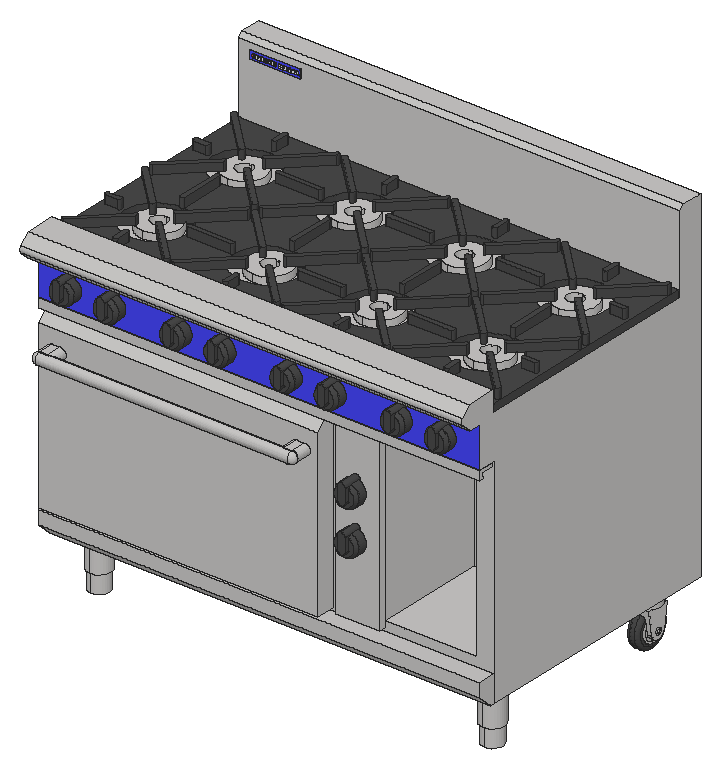
Revit family "QF_MOFFAT_BLUESEAL_CE_GE508D", category Specialty Equipment, Revit 2012
Parameters
  Width = 1200 mm
  Weight in Pounds = 485
  Watts = 6500 W
  Volts = 400 V
  URL Cutsheet = "www.moffat.com"
  URL = "www.moffat.com"
  Type Mark [instance] = ""
  Status [instance] = ""
  Specification by User [instance] = ""
  Specification by Manufacturer = ""
  Show Logo [instance] = yes
  Show Clearance [instance] = yes
  Show Casters [instance] = yes
  Serial Number = ""
  Seismic Rating = ""
  SMACNA No = ""
  Revision Code [instance] = ""
  Phase = 3
  Omniclass Number and Title = ""
  Number of Poles [instance] = 1
  NAFEM Spec ID Number = ""
  Model = "GE508D"
  Min Ckt Ampacity = 0 A
  Mechanical Remarks = ""
  Mechanical Connection Type [instance] = ""
  Max Overcurrent Protection = 0 A
  Masterspec = ""
  Manufacturer = "MOFFAT BLUESEAL"
  Legs [instance] = not(Show Casters)  # no
  Item Number [instance] = ""
  Installed By [instance] = ""
  Identify Quantity as Lot [instance] = yes
  Height = 970 mm
  HP = ""
  Gas Size = 3/4"
  Gas RI Height [instance] = 0 mm
  Gas KW [instance] = 62.2
  Gas Input [instance] = 212311.0 Btu/h
  Gas Connection Height = 0 mm
  Furnished By [instance] = ""
  Foodservice Equipment Identifier [instance] = yes
  FL Amps = 9.4 A
  Electrical Remarks = "9.4A PER PHASE"
  Electric Connection Type = ""
  Elec Conn RI Height = 0 mm
  Elec Conn Connection Height = 0 mm
  Description = "1200MM GAS RANGE WITH ELECTRIC STATIC OVEN"
  Depth = 812 mm
  Cycle = 50 Hz
  Conn Plug = ""
  Conn Conduit = yes
  CSI MasterFormat = ""
  CSI Master Format = ""
  Body Finish = QF_Finishes_Stainless Steel
  Apparent Power = 0 VA
Reference planes
  plane 1 "BACK": y = 0
  plane 2: z = 0
  plane 3 "LEFT": x = 0
  plane 4 "RIGHT": x = 1200
  plane 5 "FRONT": y = -812
  plane 6 "TOP": z = 970
  plane 7 "Center Y": x = 600
  plane 8 "Center X": y = -406
  plane 9: x = 280
  plane 10: y = -574.272
  plane 11: x = 60
  plane 12: y = -304.972
  plane 13: y = -364.972
  plane 14: x = 74
  plane 15: y = -812
  plane 16: x = 1134.5
  plane 17: y = -32
  plane 18: z = 655
  plane 19: x = 65.5
  plane 20: x = 65.8
  plane 21: z = 1085
  plane 22: y = -705
  plane 23: y = -100
Forms (mm)
  Extrusion 1, solid, material "QF_Finishes_Stainless Steel" <- "Body Finish"
    sketch origin (0, 0, 0) x (0, 1, 0) y (0, 0, 1)
      loop
        line (0, 150) -> (0, 1085) -> (-57.5, 1085) -> (-70, 1072.5) -> (-70, 861.8) -> (-705, 861.8) -> (-705, 915) -> (-783.97, 915) -> (-808.49, 890.48)
        arc (-808.49, 890.48) -> (-812.002, 882) -> (-808.49, 873.52) r 11.993
        line (-808.49, 873.52) -> (-784.97, 850) -> (-749, 850) -> (-749, 740) -> (-699, 740) -> (-699, 150) -> (0, 150)
      loop
        line (-749, 222.5) -> (-749, 186) -> (-713, 150) -> (-703.2, 150) -> (-703.2, 222.5) -> (-749, 222.5)
      loop
        line (-749, 713.781) -> (-740.224, 713.781) -> (-742.613, 730.781) -> (-707.93, 730.781) -> (-707.93, 737.784) -> (-749, 737.784) -> (-749, 713.781)
    from 0 to 1200
  Extrusion 2, solid, material "QF_Finishes_Stainless Steel"
    sketch origin (0, 7, 0) x (0, 1, 0) y (0, 0, 1)
      loop
        line (-706, 700) -> (-732, 700) -> (-756, 676) -> (-756, 227.5) -> (-706, 227.5) -> (-706, 700)
    from 0 to 760
  Extrusion 3, solid, material "QF_Finishes_Stainless Steel"
    sketch origin (723.5, 7, 0) x (0, 1, 0) y (0, 0, 1)
      loop
        line (-706, 700) -> (-721, 700) -> (-721, 227.5) -> (-706, 227.5) -> (-706, 700)
    from 56.898 to 176.5
  Revolve 4, solid, material "QF_Finishes_Stainless Steel" <- "Body Finish"
    sketch origin (1134.5, -696.126, 0) x (0, 1, 0) y (0, 0, -1)
      loop
        line (39.376, -150) -> (71.126, -150) -> (71.126, 0) -> (43.626, 0) -> (43.626, -50) -> (39.376, -50) -> (39.376, -150)
      axis (71.126, -150) -> (71.126, 0)
    angle from 0 to 360
  Revolve 5, solid, material "QF_Finishes_Stainless Steel" <- "Body Finish"
    sketch origin (65.5, -696.126, 0) x (0, 1, 0) y (0, 0, 1)
      loop
        line (39.376, 150) -> (39.376, 50) -> (43.626, 50) -> (43.626, 0) -> (71.126, 0) -> (71.126, 150) -> (39.376, 150)
      axis (71.126, 150) -> (71.126, 0)
    angle from 0 to 360
  Extrusion 6, solid, material "QF_Finishes_Stainless Steel"
    sketch origin (-64.5, 0, 325) x (1, 0, 0) y (0, 1, 0)
      loop
        circle (1134.5, -32) r 10
    from 330 to 374.856
  Extrusion 7, void
    sketch origin (0, -699, 150) x (0, 0, -1) y (-1, 0, 0)
      loop
        line (-529.781, -900) -> (-529.781, -1150) -> (-96, -1150) -> (-96, -900) -> (-529.781, -900)
    from 0 to 304.8
  Extrusion 8, solid, material "QF_Finishes_Black"
    sketch origin (0, -70, 861.8) x (0, -1, 0) y (1, 0, 0)
      loop
        arc (1, 4) -> (1.879, 1.879) -> (4, 1) r 3
        line (4, 1) -> (632, 1)
        arc (632, 1) -> (634.121, 1.879) -> (635, 4) r 3
        line (635, 4) -> (635, 1197)
        arc (635, 1197) -> (634.121, 1199.121) -> (632, 1200) r 3
        line (632, 1200) -> (4, 1200)
        arc (4, 1200) -> (1.879, 1199.121) -> (1, 1197) r 3
        line (1, 1197) -> (1, 4)
      loop
        circle (167.5, 150) r 85
      loop
        circle (167.5, 450) r 85
      loop
        circle (467.768, 150) r 85
      loop
        circle (467.768, 450) r 85
      loop
        circle (167.5, 750) r 85
      loop
        circle (467.768, 750) r 85
      loop
        circle (167.5, 1050) r 85
      loop
        circle (467.768, 1050) r 85
    from 0 to 19.5
  Extrusion 9, solid, material "QF_Finishes_Black"
    sketch origin (0, -70, 881.3) x (0, -1, 0) y (1, 0, 0)
      loop
        spline (327.102, 15.153) -> (326.181, 13.924) -> (325.631, 12.47) -> (325.49, 10.89) -> (325.767, 9.292) -> (326.443, 7.786) -> (327.473, 6.473) -> (328.786, 5.443) -> (330.292, 4.767) -> (331.89, 4.49) -> (333.47, 4.631) -> (334.924, 5.181) -> (336.153, 6.102)
        line (336.153, 6.102) -> (444.076, 114.025)
        spline (444.076, 114.025) -> (444.837, 115.095) -> (445.238, 116.399) -> (445.251, 117.851) -> (444.875, 119.35) -> (444.137, 120.795) -> (443.086, 122.086) -> (441.795, 123.137) -> (440.35, 123.875) -> (438.851, 124.251) -> (437.399, 124.238) -> (436.095, 123.837) -> (435.025, 123.076)
        line (435.025, 123.076) -> (327.102, 15.153)
      loop
        line (611.398, 15.153) -> (503.475, 123.076)
        spline (503.475, 123.076) -> (502.405, 123.837) -> (501.101, 124.238) -> (499.649, 124.251) -> (498.15, 123.875) -> (496.705, 123.137) -> (495.414, 122.086) -> (494.363, 120.795) -> (493.625, 119.35) -> (493.249, 117.851) -> (493.262, 116.399) -> (493.663, 115.095) -> (494.424, 114.025)
        line (494.424, 114.025) -> (602.347, 6.102)
        spline (602.347, 6.102) -> (603.416, 5.341) -> (604.721, 4.941) -> (606.172, 4.928) -> (607.671, 5.303) -> (609.116, 6.041) -> (610.408, 7.092) -> (611.459, 8.384) -> (612.197, 9.829) -> (612.572, 11.328) -> (612.559, 12.779) -> (612.159, 14.084) -> (611.398, 15.153)
      loop
        spline (379.102, 143.6) -> (380.396, 143.818) -> (381.602, 144.457) -> (382.638, 145.475) -> (383.432, 146.8) -> (383.932, 148.344) -> (384.102, 150) -> (383.932, 151.656) -> (383.432, 153.2) -> (382.638, 154.525) -> (381.602, 155.543) -> (380.396, 156.182) -> (379.102, 156.4)
        line (379.102, 156.4) -> (259.398, 156.4)
        spline (259.398, 156.4) -> (258.104, 156.182) -> (256.898, 155.543) -> (255.862, 154.525) -> (255.068, 153.2) -> (254.568, 151.656) -> (254.398, 150) -> (254.568, 148.344) -> (255.068, 146.8) -> (255.862, 145.475) -> (256.898, 144.457) -> (258.104, 143.818) -> (259.398, 143.6)
        line (259.398, 143.6) -> (379.102, 143.6)
      loop
        spline (23.602, 15.153) -> (22.681, 13.924) -> (22.131, 12.47) -> (21.99, 10.89) -> (22.267, 9.292) -> (22.943, 7.786) -> (23.973, 6.473) -> (25.286, 5.443) -> (26.792, 4.767) -> (28.39, 4.49) -> (29.97, 4.631) -> (31.424, 5.181) -> (32.653, 6.102)
        line (32.653, 6.102) -> (140.576, 114.025)
        spline (140.576, 114.025) -> (141.337, 115.095) -> (141.738, 116.399) -> (141.751, 117.851) -> (141.375, 119.35) -> (140.637, 120.795) -> (139.586, 122.086) -> (138.295, 123.137) -> (136.85, 123.875) -> (135.351, 124.251) -> (133.899, 124.238) -> (132.595, 123.837) -> (131.525, 123.076)
        line (131.525, 123.076) -> (23.602, 15.153)
      loop
        line (311.398, 15.153) -> (203.475, 123.076)
        spline (203.475, 123.076) -> (202.405, 123.837) -> (201.101, 124.238) -> (199.649, 124.251) -> (198.15, 123.875) -> (196.705, 123.137) -> (195.414, 122.086) -> (194.363, 120.795) -> (193.625, 119.35) -> (193.249, 117.851) -> (193.262, 116.399) -> (193.663, 115.095) -> (194.424, 114.025)
        line (194.424, 114.025) -> (302.347, 6.102)
        spline (302.347, 6.102) -> (303.416, 5.341) -> (304.721, 4.941) -> (306.172, 4.928) -> (307.671, 5.303) -> (309.116, 6.041) -> (310.408, 7.092) -> (311.459, 8.384) -> (312.197, 9.829) -> (312.572, 11.328) -> (312.559, 12.779) -> (312.159, 14.084) -> (311.398, 15.153)
      loop
        line (327.102, 284.847) -> (435.025, 176.924)
        spline (435.025, 176.924) -> (436.095, 176.163) -> (437.399, 175.762) -> (438.851, 175.749) -> (440.35, 176.125) -> (441.795, 176.863) -> (443.086, 177.914) -> (444.137, 179.205) -> (444.875, 180.65) -> (445.251, 182.149) -> (445.238, 183.601) -> (444.837, 184.905) -> (444.076, 185.975)
        line (444.076, 185.975) -> (336.153, 293.898)
        spline (336.153, 293.898) -> (334.924, 294.819) -> (333.47, 295.369) -> (331.89, 295.51) -> (330.292, 295.233) -> (328.786, 294.557) -> (327.473, 293.527) -> (326.443, 292.214) -> (325.767, 290.708) -> (325.49, 289.11) -> (325.631, 287.53) -> (326.181, 286.076) -> (327.102, 284.847)
      loop
        spline (611.398, 284.847) -> (612.159, 285.916) -> (612.559, 287.221) -> (612.572, 288.672) -> (612.197, 290.171) -> (611.459, 291.616) -> (610.408, 292.908) -> (609.116, 293.959) -> (607.671, 294.697) -> (606.172, 295.072) -> (604.721, 295.059) -> (603.416, 294.659) -> (602.347, 293.898)
        line (602.347, 293.898) -> (494.424, 185.975)
        spline (494.424, 185.975) -> (493.663, 184.905) -> (493.262, 183.601) -> (493.249, 182.149) -> (493.625, 180.65) -> (494.363, 179.205) -> (495.414, 177.914) -> (496.705, 176.863) -> (498.15, 176.125) -> (499.649, 175.749) -> (501.101, 175.762) -> (502.405, 176.163) -> (503.475, 176.924)
        line (503.475, 176.924) -> (611.398, 284.847)
      loop
        spline (461.1, 241.898) -> (461.318, 240.604) -> (461.957, 239.398) -> (462.975, 238.362) -> (464.3, 237.568) -> (465.844, 237.068) -> (467.5, 236.898) -> (469.156, 237.068) -> (470.7, 237.568) -> (472.025, 238.362) -> (473.043, 239.398) -> (473.682, 240.604) -> (473.9, 241.898)
        line (473.9, 241.898) -> (473.9, 358.102)
        spline (473.9, 358.102) -> (473.682, 359.396) -> (473.043, 360.602) -> (472.025, 361.638) -> (470.7, 362.432) -> (469.156, 362.932) -> (467.5, 363.102) -> (465.844, 362.932) -> (464.3, 362.432) -> (462.975, 361.638) -> (461.957, 360.602) -> (461.318, 359.396) -> (461.1, 358.102)
        line (461.1, 358.102) -> (461.1, 241.898)
      loop
        line (23.602, 284.847) -> (131.525, 176.924)
        spline (131.525, 176.924) -> (132.595, 176.163) -> (133.899, 175.762) -> (135.351, 175.749) -> (136.85, 176.125) -> (138.295, 176.863) -> (139.586, 177.914) -> (140.637, 179.205) -> (141.375, 180.65) -> (141.751, 182.149) -> (141.738, 183.601) -> (141.337, 184.905) -> (140.576, 185.975)
        line (140.576, 185.975) -> (32.653, 293.898)
        spline (32.653, 293.898) -> (31.424, 294.819) -> (29.97, 295.369) -> (28.39, 295.51) -> (26.792, 295.233) -> (25.286, 294.557) -> (23.973, 293.527) -> (22.943, 292.214) -> (22.267, 290.708) -> (21.99, 289.11) -> (22.131, 287.53) -> (22.681, 286.076) -> (23.602, 284.847)
      loop
        spline (311.398, 284.847) -> (312.159, 285.916) -> (312.559, 287.221) -> (312.572, 288.672) -> (312.197, 290.171) -> (311.459, 291.616) -> (310.408, 292.908) -> (309.116, 293.959) -> (307.671, 294.697) -> (306.172, 295.072) -> (304.721, 295.059) -> (303.416, 294.659) -> (302.347, 293.898)
        line (302.347, 293.898) -> (194.424, 185.975)
        spline (194.424, 185.975) -> (193.663, 184.905) -> (193.262, 183.601) -> (193.249, 182.149) -> (193.625, 180.65) -> (194.363, 179.205) -> (195.414, 177.914) -> (196.705, 176.863) -> (198.15, 176.125) -> (199.649, 175.749) -> (201.101, 175.762) -> (202.405, 176.163) -> (203.475, 176.924)
        line (203.475, 176.924) -> (311.398, 284.847)
      loop
        spline (161.1, 241.898) -> (161.318, 240.604) -> (161.957, 239.398) -> (162.975, 238.362) -> (164.3, 237.568) -> (165.844, 237.068) -> (167.5, 236.898) -> (169.156, 237.068) -> (170.7, 237.568) -> (172.025, 238.362) -> (173.043, 239.398) -> (173.682, 240.604) -> (173.9, 241.898)
        line (173.9, 241.898) -> (173.9, 358.102)
        spline (173.9, 358.102) -> (173.682, 359.396) -> (173.043, 360.602) -> (172.025, 361.638) -> (170.7, 362.432) -> (169.156, 362.932) -> (167.5, 363.102) -> (165.844, 362.932) -> (164.3, 362.432) -> (162.975, 361.638) -> (161.957, 360.602) -> (161.318, 359.396) -> (161.1, 358.102)
        line (161.1, 358.102) -> (161.1, 241.898)
      loop
        line (379.102, 456.4) -> (259.398, 456.4)
        spline (259.398, 456.4) -> (258.104, 456.182) -> (256.898, 455.543) -> (255.862, 454.525) -> (255.068, 453.2) -> (254.568, 451.656) -> (254.398, 450) -> (254.568, 448.344) -> (255.068, 446.8) -> (255.862, 445.475) -> (256.898, 444.457) -> (258.104, 443.818) -> (259.398, 443.6)
        line (259.398, 443.6) -> (379.102, 443.6)
        spline (379.102, 443.6) -> (380.396, 443.818) -> (381.602, 444.457) -> (382.638, 445.475) -> (383.432, 446.8) -> (383.932, 448.344) -> (384.102, 450) -> (383.932, 451.656) -> (383.432, 453.2) -> (382.638, 454.525) -> (381.602, 455.543) -> (380.396, 456.182) -> (379.102, 456.4)
      loop
        spline (327.102, 315.153) -> (326.181, 313.924) -> (325.631, 312.47) -> (325.49, 310.89) -> (325.767, 309.292) -> (326.443, 307.786) -> (327.473, 306.473) -> (328.786, 305.443) -> (330.292, 304.767) -> (331.89, 304.49) -> (333.47, 304.631) -> (334.924, 305.181) -> (336.153, 306.102)
        line (336.153, 306.102) -> (444.076, 414.025)
        spline (444.076, 414.025) -> (444.837, 415.095) -> (445.238, 416.399) -> (445.251, 417.851) -> (444.875, 419.35) -> (444.137, 420.795) -> (443.086, 422.086) -> (441.795, 423.137) -> (440.35, 423.875) -> (438.851, 424.251) -> (437.399, 424.238) -> (436.095, 423.837) -> (435.025, 423.076)
        line (435.025, 423.076) -> (327.102, 315.153)
      loop
        line (611.398, 315.153) -> (503.475, 423.076)
        spline (503.475, 423.076) -> (502.405, 423.837) -> (501.101, 424.238) -> (499.649, 424.251) -> (498.15, 423.875) -> (496.705, 423.137) -> (495.414, 422.086) -> (494.363, 420.795) -> (493.625, 419.35) -> (493.249, 417.851) -> (493.262, 416.399) -> (493.663, 415.095) -> (494.424, 414.025)
        line (494.424, 414.025) -> (602.347, 306.102)
        spline (602.347, 306.102) -> (603.416, 305.341) -> (604.721, 304.941) -> (606.172, 304.928) -> (607.671, 305.303) -> (609.116, 306.041) -> (610.408, 307.092) -> (611.459, 308.384) -> (612.197, 309.829) -> (612.572, 311.328) -> (612.559, 312.779) -> (612.159, 314.084) -> (611.398, 315.153)
      loop
        spline (23.602, 315.153) -> (22.681, 313.924) -> (22.131, 312.47) -> (21.99, 310.89) -> (22.267, 309.292) -> (22.943, 307.786) -> (23.973, 306.473) -> (25.286, 305.443) -> (26.792, 304.767) -> (28.39, 304.49) -> (29.97, 304.631) -> (31.424, 305.181) -> (32.653, 306.102)
        line (32.653, 306.102) -> (140.576, 414.025)
        spline (140.576, 414.025) -> (141.337, 415.095) -> (141.738, 416.399) -> (141.751, 417.851) -> (141.375, 419.35) -> (140.637, 420.795) -> (139.586, 422.086) -> (138.295, 423.137) -> (136.85, 423.875) -> (135.351, 424.251) -> (133.899, 424.238) -> (132.595, 423.837) -> (131.525, 423.076)
        line (131.525, 423.076) -> (23.602, 315.153)
      loop
        line (311.398, 315.153) -> (203.475, 423.076)
        spline (203.475, 423.076) -> (202.405, 423.837) -> (201.101, 424.238) -> (199.649, 424.251) -> (198.15, 423.875) -> (196.705, 423.137) -> (195.414, 422.086) -> (194.363, 420.795) -> (193.625, 419.35) -> (193.249, 417.851) -> (193.262, 416.399) -> (193.663, 415.095) -> (194.424, 414.025)
        line (194.424, 414.025) -> (302.347, 306.102)
        spline (302.347, 306.102) -> (303.416, 305.341) -> (304.721, 304.941) -> (306.172, 304.928) -> (307.671, 305.303) -> (309.116, 306.041) -> (310.408, 307.092) -> (311.459, 308.384) -> (312.197, 309.829) -> (312.572, 311.328) -> (312.559, 312.779) -> (312.159, 314.084) -> (311.398, 315.153)
      loop
        line (327.102, 584.847) -> (435.025, 476.924)
        spline (435.025, 476.924) -> (436.095, 476.163) -> (437.399, 475.762) -> (438.851, 475.749) -> (440.35, 476.125) -> (441.795, 476.863) -> (443.086, 477.914) -> (444.137, 479.205) -> (444.875, 480.65) -> (445.251, 482.149) -> (445.238, 483.601) -> (444.837, 484.905) -> (444.076, 485.975)
        line (444.076, 485.975) -> (336.153, 593.898)
        spline (336.153, 593.898) -> (334.924, 594.819) -> (333.47, 595.369) -> (331.89, 595.51) -> (330.292, 595.233) -> (328.786, 594.557) -> (327.473, 593.527) -> (326.443, 592.214) -> (325.767, 590.708) -> (325.49, 589.11) -> (325.631, 587.53) -> (326.181, 586.076) -> (327.102, 584.847)
      loop
        spline (611.398, 584.847) -> (612.159, 585.916) -> (612.559, 587.221) -> (612.572, 588.672) -> (612.197, 590.171) -> (611.459, 591.616) -> (610.408, 592.908) -> (609.116, 593.959) -> (607.671, 594.697) -> (606.172, 595.072) -> (604.721, 595.059) -> (603.416, 594.659) -> (602.347, 593.898)
        line (602.347, 593.898) -> (494.424, 485.975)
        spline (494.424, 485.975) -> (493.663, 484.905) -> (493.262, 483.601) -> (493.249, 482.149) -> (493.625, 480.65) -> (494.363, 479.205) -> (495.414, 477.914) -> (496.705, 476.863) -> (498.15, 476.125) -> (499.649, 475.749) -> (501.101, 475.762) -> (502.405, 476.163) -> (503.475, 476.924)
        line (503.475, 476.924) -> (611.398, 584.847)
      loop
        line (23.602, 584.847) -> (131.525, 476.924)
        spline (131.525, 476.924) -> (132.595, 476.163) -> (133.899, 475.762) -> (135.351, 475.749) -> (136.85, 476.125) -> (138.295, 476.863) -> (139.586, 477.914) -> (140.637, 479.205) -> (141.375, 480.65) -> (141.751, 482.149) -> (141.738, 483.601) -> (141.337, 484.905) -> (140.576, 485.975)
        line (140.576, 485.975) -> (32.653, 593.898)
        spline (32.653, 593.898) -> (31.424, 594.819) -> (29.97, 595.369) -> (28.39, 595.51) -> (26.792, 595.233) -> (25.286, 594.557) -> (23.973, 593.527) -> (22.943, 592.214) -> (22.267, 590.708) -> (21.99, 589.11) -> (22.131, 587.53) -> (22.681, 586.076) -> (23.602, 584.847)
      loop
        spline (311.398, 584.847) -> (312.159, 585.916) -> (312.559, 587.221) -> (312.572, 588.672) -> (312.197, 590.171) -> (311.459, 591.616) -> (310.408, 592.908) -> (309.116, 593.959) -> (307.671, 594.697) -> (306.172, 595.072) -> (304.721, 595.059) -> (303.416, 594.659) -> (302.347, 593.898)
        line (302.347, 593.898) -> (194.424, 485.975)
        spline (194.424, 485.975) -> (193.663, 484.905) -> (193.262, 483.601) -> (193.249, 482.149) -> (193.625, 480.65) -> (194.363, 479.205) -> (195.414, 477.914) -> (196.705, 476.863) -> (198.15, 476.125) -> (199.649, 475.749) -> (201.101, 475.762) -> (202.405, 476.163) -> (203.475, 476.924)
        line (203.475, 476.924) -> (311.398, 584.847)
      loop
        spline (461.1, 541.898) -> (461.318, 540.604) -> (461.957, 539.398) -> (462.975, 538.362) -> (464.3, 537.568) -> (465.844, 537.068) -> (467.5, 536.898) -> (469.156, 537.068) -> (470.7, 537.568) -> (472.025, 538.362) -> (473.043, 539.398) -> (473.682, 540.604) -> (473.9, 541.898)
        line (473.9, 541.898) -> (473.9, 658.102)
        spline (473.9, 658.102) -> (473.682, 659.396) -> (473.043, 660.602) -> (472.025, 661.638) -> (470.7, 662.432) -> (469.156, 662.932) -> (467.5, 663.102) -> (465.844, 662.932) -> (464.3, 662.432) -> (462.975, 661.638) -> (461.957, 660.602) -> (461.318, 659.396) -> (461.1, 658.102)
        line (461.1, 658.102) -> (461.1, 541.898)
      loop
        spline (161.1, 541.898) -> (161.318, 540.604) -> (161.957, 539.398) -> (162.975, 538.362) -> (164.3, 537.568) -> (165.844, 537.068) -> (167.5, 536.898) -> (169.156, 537.068) -> (170.7, 537.568) -> (172.025, 538.362) -> (173.043, 539.398) -> (173.682, 540.604) -> (173.9, 541.898)
        line (173.9, 541.898) -> (173.9, 658.102)
        spline (173.9, 658.102) -> (173.682, 659.396) -> (173.043, 660.602) -> (172.025, 661.638) -> (170.7, 662.432) -> (169.156, 662.932) -> (167.5, 663.102) -> (165.844, 662.932) -> (164.3, 662.432) -> (162.975, 661.638) -> (161.957, 660.602) -> (161.318, 659.396) -> (161.1, 658.102)
        line (161.1, 658.102) -> (161.1, 541.898)
      loop
        line (379.102, 756.4) -> (259.398, 756.4)
        spline (259.398, 756.4) -> (258.104, 756.182) -> (256.898, 755.543) -> (255.862, 754.525) -> (255.068, 753.2) -> (254.568, 751.656) -> (254.398, 750) -> (254.568, 748.344) -> (255.068, 746.8) -> (255.862, 745.475) -> (256.898, 744.457) -> (258.104, 743.818) -> (259.398, 743.6)
        line (259.398, 743.6) -> (379.102, 743.6)
        spline (379.102, 743.6) -> (380.396, 743.818) -> (381.602, 744.457) -> (382.638, 745.475) -> (383.432, 746.8) -> (383.932, 748.344) -> (384.102, 750) -> (383.932, 751.656) -> (383.432, 753.2) -> (382.638, 754.525) -> (381.602, 755.543) -> (380.396, 756.182) -> (379.102, 756.4)
      loop
        spline (327.102, 615.153) -> (326.181, 613.924) -> (325.631, 612.47) -> (325.49, 610.89) -> (325.767, 609.292) -> (326.443, 607.786) -> (327.473, 606.473) -> (328.786, 605.443) -> (330.292, 604.767) -> (331.89, 604.49) -> (333.47, 604.631) -> (334.924, 605.181) -> (336.153, 606.102)
        line (336.153, 606.102) -> (444.076, 714.025)
        spline (444.076, 714.025) -> (444.837, 715.095) -> (445.238, 716.399) -> (445.251, 717.851) -> (444.875, 719.35) -> (444.137, 720.795) -> (443.086, 722.086) -> (441.795, 723.137) -> (440.35, 723.875) -> (438.851, 724.251) -> (437.399, 724.238) -> (436.095, 723.837) -> (435.025, 723.076)
        line (435.025, 723.076) -> (327.102, 615.153)
      loop
        line (611.398, 615.153) -> (503.475, 723.076)
        spline (503.475, 723.076) -> (502.405, 723.837) -> (501.101, 724.238) -> (499.649, 724.251) -> (498.15, 723.875) -> (496.705, 723.137) -> (495.414, 722.086) -> (494.363, 720.795) -> (493.625, 719.35) -> (493.249, 717.851) -> (493.262, 716.399) -> (493.663, 715.095) -> (494.424, 714.025)
        line (494.424, 714.025) -> (602.347, 606.102)
        spline (602.347, 606.102) -> (603.416, 605.341) -> (604.721, 604.941) -> (606.172, 604.928) -> (607.671, 605.303) -> (609.116, 606.041) -> (610.408, 607.092) -> (611.459, 608.384) -> (612.197, 609.829) -> (612.572, 611.328) -> (612.559, 612.779) -> (612.159, 614.084) -> (611.398, 615.153)
      loop
        spline (23.602, 615.153) -> (22.681, 613.924) -> (22.131, 612.47) -> (21.99, 610.89) -> (22.267, 609.292) -> (22.943, 607.786) -> (23.973, 606.473) -> (25.286, 605.443) -> (26.792, 604.767) -> (28.39, 604.49) -> (29.97, 604.631) -> (31.424, 605.181) -> (32.653, 606.102)
        line (32.653, 606.102) -> (140.576, 714.025)
        spline (140.576, 714.025) -> (141.337, 715.095) -> (141.738, 716.399) -> (141.751, 717.851) -> (141.375, 719.35) -> (140.637, 720.795) -> (139.586, 722.086) -> (138.295, 723.137) -> (136.85, 723.875) -> (135.351, 724.251) -> (133.899, 724.238) -> (132.595, 723.837) -> (131.525, 723.076)
        line (131.525, 723.076) -> (23.602, 615.153)
      loop
        line (311.398, 615.153) -> (203.475, 723.076)
        spline (203.475, 723.076) -> (202.405, 723.837) -> (201.101, 724.238) -> (199.649, 724.251) -> (198.15, 723.875) -> (196.705, 723.137) -> (195.414, 722.086) -> (194.363, 720.795) -> (193.625, 719.35) -> (193.249, 717.851) -> (193.262, 716.399) -> (193.663, 715.095) -> (194.424, 714.025)
        line (194.424, 714.025) -> (302.347, 606.102)
        spline (302.347, 606.102) -> (303.416, 605.341) -> (304.721, 604.941) -> (306.172, 604.928) -> (307.671, 605.303) -> (309.116, 606.041) -> (310.408, 607.092) -> (311.459, 608.384) -> (312.197, 609.829) -> (312.572, 611.328) -> (312.559, 612.779) -> (312.159, 614.084) -> (311.398, 615.153)
      loop
        line (327.102, 884.847) -> (435.025, 776.924)
        spline (435.025, 776.924) -> (436.095, 776.163) -> (437.399, 775.762) -> (438.851, 775.749) -> (440.35, 776.125) -> (441.795, 776.863) -> (443.086, 777.914) -> (444.137, 779.205) -> (444.875, 780.65) -> (445.251, 782.149) -> (445.238, 783.601) -> (444.837, 784.905) -> (444.076, 785.975)
        line (444.076, 785.975) -> (336.153, 893.898)
        spline (336.153, 893.898) -> (334.924, 894.819) -> (333.47, 895.369) -> (331.89, 895.51) -> (330.292, 895.233) -> (328.786, 894.557) -> (327.473, 893.527) -> (326.443, 892.214) -> (325.767, 890.708) -> (325.49, 889.11) -> (325.631, 887.53) -> (326.181, 886.076) -> (327.102, 884.847)
      loop
        spline (611.398, 884.847) -> (612.159, 885.916) -> (612.559, 887.221) -> (612.572, 888.672) -> (612.197, 890.171) -> (611.459, 891.616) -> (610.408, 892.908) -> (609.116, 893.959) -> (607.671, 894.697) -> (606.172, 895.072) -> (604.721, 895.059) -> (603.416, 894.659) -> (602.347, 893.898)
        line (602.347, 893.898) -> (494.424, 785.975)
        spline (494.424, 785.975) -> (493.663, 784.905) -> (493.262, 783.601) -> (493.249, 782.149) -> (493.625, 780.65) -> (494.363, 779.205) -> (495.414, 777.914) -> (496.705, 776.863) -> (498.15, 776.125) -> (499.649, 775.749) -> (501.101, 775.762) -> (502.405, 776.163) -> (503.475, 776.924)
        line (503.475, 776.924) -> (611.398, 884.847)
      loop
        line (23.602, 884.847) -> (131.525, 776.924)
        spline (131.525, 776.924) -> (132.595, 776.163) -> (133.899, 775.762) -> (135.351, 775.749) -> (136.85, 776.125) -> (138.295, 776.863) -> (139.586, 777.914) -> (140.637, 779.205) -> (141.375, 780.65) -> (141.751, 782.149) -> (141.738, 783.601) -> (141.337, 784.905) -> (140.576, 785.975)
        line (140.576, 785.975) -> (32.653, 893.898)
        spline (32.653, 893.898) -> (31.424, 894.819) -> (29.97, 895.369) -> (28.39, 895.51) -> (26.792, 895.233) -> (25.286, 894.557) -> (23.973, 893.527) -> (22.943, 892.214) -> (22.267, 890.708) -> (21.99, 889.11) -> (22.131, 887.53) -> (22.681, 886.076) -> (23.602, 884.847)
      loop
        spline (311.398, 884.847) -> (312.159, 885.916) -> (312.559, 887.221) -> (312.572, 888.672) -> (312.197, 890.171) -> (311.459, 891.616) -> (310.408, 892.908) -> (309.116, 893.959) -> (307.671, 894.697) -> (306.172, 895.072) -> (304.721, 895.059) -> (303.416, 894.659) -> (302.347, 893.898)
        line (302.347, 893.898) -> (194.424, 785.975)
        spline (194.424, 785.975) -> (193.663, 784.905) -> (193.262, 783.601) -> (193.249, 782.149) -> (193.625, 780.65) -> (194.363, 779.205) -> (195.414, 777.914) -> (196.705, 776.863) -> (198.15, 776.125) -> (199.649, 775.749) -> (201.101, 775.762) -> (202.405, 776.163) -> (203.475, 776.924)
        line (203.475, 776.924) -> (311.398, 884.847)
      loop
        line (327.102, 1184.847) -> (435.025, 1076.924)
        spline (435.025, 1076.924) -> (436.095, 1076.163) -> (437.399, 1075.762) -> (438.851, 1075.749) -> (440.35, 1076.125) -> (441.795, 1076.863) -> (443.086, 1077.914) -> (444.137, 1079.205) -> (444.875, 1080.65) -> (445.251, 1082.149) -> (445.238, 1083.601) -> (444.837, 1084.905) -> (444.076, 1085.975)
        line (444.076, 1085.975) -> (336.153, 1193.898)
        spline (336.153, 1193.898) -> (334.924, 1194.819) -> (333.47, 1195.369) -> (331.89, 1195.51) -> (330.292, 1195.233) -> (328.786, 1194.557) -> (327.473, 1193.527) -> (326.443, 1192.214) -> (325.767, 1190.708) -> (325.49, 1189.11) -> (325.631, 1187.53) -> (326.181, 1186.076) -> (327.102, 1184.847)
      loop
        spline (611.398, 1184.847) -> (612.159, 1185.916) -> (612.559, 1187.221) -> (612.572, 1188.672) -> (612.197, 1190.171) -> (611.459, 1191.616) -> (610.408, 1192.908) -> (609.116, 1193.959) -> (607.671, 1194.697) -> (606.172, 1195.072) -> (604.721, 1195.059) -> (603.416, 1194.659) -> (602.347, 1193.898)
        line (602.347, 1193.898) -> (494.424, 1085.975)
        spline (494.424, 1085.975) -> (493.663, 1084.905) -> (493.262, 1083.601) -> (493.249, 1082.149) -> (493.625, 1080.65) -> (494.363, 1079.205) -> (495.414, 1077.914) -> (496.705, 1076.863) -> (498.15, 1076.125) -> (499.649, 1075.749) -> (501.101, 1075.762) -> (502.405, 1076.163) -> (503.475, 1076.924)
        line (503.475, 1076.924) -> (611.398, 1184.847)
      loop
        line (379.102, 1056.4) -> (259.398, 1056.4)
        spline (259.398, 1056.4) -> (258.104, 1056.182) -> (256.898, 1055.543) -> (255.862, 1054.525) -> (255.068, 1053.2) -> (254.568, 1051.656) -> (254.398, 1050) -> (254.568, 1048.344) -> (255.068, 1046.8) -> (255.862, 1045.475) -> (256.898, 1044.457) -> (258.104, 1043.818) -> (259.398, 1043.6)
        line (259.398, 1043.6) -> (379.102, 1043.6)
        spline (379.102, 1043.6) -> (380.396, 1043.818) -> (381.602, 1044.457) -> (382.638, 1045.475) -> (383.432, 1046.8) -> (383.932, 1048.344) -> (384.102, 1050) -> (383.932, 1051.656) -> (383.432, 1053.2) -> (382.638, 1054.525) -> (381.602, 1055.543) -> (380.396, 1056.182) -> (379.102, 1056.4)
      loop
        line (23.602, 1184.847) -> (131.525, 1076.924)
        spline (131.525, 1076.924) -> (132.595, 1076.163) -> (133.899, 1075.762) -> (135.351, 1075.749) -> (136.85, 1076.125) -> (138.295, 1076.863) -> (139.586, 1077.914) -> (140.637, 1079.205) -> (141.375, 1080.65) -> (141.751, 1082.149) -> (141.738, 1083.601) -> (141.337, 1084.905) -> (140.576, 1085.975)
        line (140.576, 1085.975) -> (32.653, 1193.898)
        spline (32.653, 1193.898) -> (31.424, 1194.819) -> (29.97, 1195.369) -> (28.39, 1195.51) -> (26.792, 1195.233) -> (25.286, 1194.557) -> (23.973, 1193.527) -> (22.943, 1192.214) -> (22.267, 1190.708) -> (21.99, 1189.11) -> (22.131, 1187.53) -> (22.681, 1186.076) -> (23.602, 1184.847)
      loop
        spline (311.398, 1184.847) -> (312.159, 1185.916) -> (312.559, 1187.221) -> (312.572, 1188.672) -> (312.197, 1190.171) -> (311.459, 1191.616) -> (310.408, 1192.908) -> (309.116, 1193.959) -> (307.671, 1194.697) -> (306.172, 1195.072) -> (304.721, 1195.059) -> (303.416, 1194.659) -> (302.347, 1193.898)
        line (302.347, 1193.898) -> (194.424, 1085.975)
        spline (194.424, 1085.975) -> (193.663, 1084.905) -> (193.262, 1083.601) -> (193.249, 1082.149) -> (193.625, 1080.65) -> (194.363, 1079.205) -> (195.414, 1077.914) -> (196.705, 1076.863) -> (198.15, 1076.125) -> (199.649, 1075.749) -> (201.101, 1075.762) -> (202.405, 1076.163) -> (203.475, 1076.924)
        line (203.475, 1076.924) -> (311.398, 1184.847)
      loop
        spline (327.102, 915.153) -> (326.181, 913.924) -> (325.631, 912.47) -> (325.49, 910.89) -> (325.767, 909.292) -> (326.443, 907.786) -> (327.473, 906.473) -> (328.786, 905.443) -> (330.292, 904.767) -> (331.89, 904.49) -> (333.47, 904.631) -> (334.924, 905.181) -> (336.153, 906.102)
        line (336.153, 906.102) -> (444.076, 1014.025)
        spline (444.076, 1014.025) -> (444.837, 1015.095) -> (445.238, 1016.399) -> (445.251, 1017.851) -> (444.875, 1019.35) -> (444.137, 1020.795) -> (443.086, 1022.086) -> (441.795, 1023.137) -> (440.35, 1023.875) -> (438.851, 1024.251) -> (437.399, 1024.238) -> (436.095, 1023.837) -> (435.025, 1023.076)
        line (435.025, 1023.076) -> (327.102, 915.153)
      loop
        line (611.398, 915.153) -> (503.475, 1023.076)
        spline (503.475, 1023.076) -> (502.405, 1023.837) -> (501.101, 1024.238) -> (499.649, 1024.251) -> (498.15, 1023.875) -> (496.705, 1023.137) -> (495.414, 1022.086) -> (494.363, 1020.795) -> (493.625, 1019.35) -> (493.249, 1017.851) -> (493.262, 1016.399) -> (493.663, 1015.095) -> (494.424, 1014.025)
        line (494.424, 1014.025) -> (602.347, 906.102)
        spline (602.347, 906.102) -> (603.416, 905.341) -> (604.721, 904.941) -> (606.172, 904.928) -> (607.671, 905.303) -> (609.116, 906.041) -> (610.408, 907.092) -> (611.459, 908.384) -> (612.197, 909.829) -> (612.572, 911.328) -> (612.559, 912.779) -> (612.159, 914.084) -> (611.398, 915.153)
      loop
        spline (23.602, 915.153) -> (22.681, 913.924) -> (22.131, 912.47) -> (21.99, 910.89) -> (22.267, 909.292) -> (22.943, 907.786) -> (23.973, 906.473) -> (25.286, 905.443) -> (26.792, 904.767) -> (28.39, 904.49) -> (29.97, 904.631) -> (31.424, 905.181) -> (32.653, 906.102)
        line (32.653, 906.102) -> (140.576, 1014.025)
        spline (140.576, 1014.025) -> (141.337, 1015.095) -> (141.738, 1016.399) -> (141.751, 1017.851) -> (141.375, 1019.35) -> (140.637, 1020.795) -> (139.586, 1022.086) -> (138.295, 1023.137) -> (136.85, 1023.875) -> (135.351, 1024.251) -> (133.899, 1024.238) -> (132.595, 1023.837) -> (131.525, 1023.076)
        line (131.525, 1023.076) -> (23.602, 915.153)
      loop
        line (311.398, 915.153) -> (203.475, 1023.076)
        spline (203.475, 1023.076) -> (202.405, 1023.837) -> (201.101, 1024.238) -> (199.649, 1024.251) -> (198.15, 1023.875) -> (196.705, 1023.137) -> (195.414, 1022.086) -> (194.363, 1020.795) -> (193.625, 1019.35) -> (193.249, 1017.851) -> (193.262, 1016.399) -> (193.663, 1015.095) -> (194.424, 1014.025)
        line (194.424, 1014.025) -> (302.347, 906.102)
        spline (302.347, 906.102) -> (303.416, 905.341) -> (304.721, 904.941) -> (306.172, 904.928) -> (307.671, 905.303) -> (309.116, 906.041) -> (310.408, 907.092) -> (311.459, 908.384) -> (312.197, 909.829) -> (312.572, 911.328) -> (312.559, 912.779) -> (312.159, 914.084) -> (311.398, 915.153)
      loop
        line (461.1, 958.102) -> (461.1, 841.898)
        spline (461.1, 841.898) -> (461.318, 840.604) -> (461.957, 839.398) -> (462.975, 838.362) -> (464.3, 837.568) -> (465.844, 837.068) -> (467.5, 836.898) -> (469.156, 837.068) -> (470.7, 837.568) -> (472.025, 838.362) -> (473.043, 839.398) -> (473.682, 840.604) -> (473.9, 841.898)
        line (473.9, 841.898) -> (473.9, 958.102)
        spline (473.9, 958.102) -> (473.682, 959.396) -> (473.043, 960.602) -> (472.025, 961.638) -> (470.7, 962.432) -> (469.156, 962.932) -> (467.5, 963.102) -> (465.844, 962.932) -> (464.3, 962.432) -> (462.975, 961.638) -> (461.957, 960.602) -> (461.318, 959.396) -> (461.1, 958.102)
      loop
        line (161.1, 958.102) -> (161.1, 841.898)
        spline (161.1, 841.898) -> (161.318, 840.604) -> (161.957, 839.398) -> (162.975, 838.362) -> (164.3, 837.568) -> (165.844, 837.068) -> (167.5, 836.898) -> (169.156, 837.068) -> (170.7, 837.568) -> (172.025, 838.362) -> (173.043, 839.398) -> (173.682, 840.604) -> (173.9, 841.898)
        line (173.9, 841.898) -> (173.9, 958.102)
        spline (173.9, 958.102) -> (173.682, 959.396) -> (173.043, 960.602) -> (172.025, 961.638) -> (170.7, 962.432) -> (169.156, 962.932) -> (167.5, 963.102) -> (165.844, 962.932) -> (164.3, 962.432) -> (162.975, 961.638) -> (161.957, 960.602) -> (161.318, 959.396) -> (161.1, 958.102)
      loop
        spline (65.602, 143.6) -> (66.896, 143.818) -> (68.102, 144.457) -> (69.138, 145.475) -> (69.932, 146.8) -> (70.432, 148.344) -> (70.602, 150) -> (70.432, 151.656) -> (69.932, 153.2) -> (69.138, 154.525) -> (68.102, 155.543) -> (66.896, 156.182) -> (65.602, 156.4)
        line (65.602, 156.4) -> (29.398, 156.4)
        spline (29.398, 156.4) -> (28.104, 156.182) -> (26.898, 155.543) -> (25.862, 154.525) -> (25.068, 153.2) -> (24.568, 151.656) -> (24.398, 150) -> (24.568, 148.344) -> (25.068, 146.8) -> (25.862, 145.475) -> (26.898, 144.457) -> (28.104, 143.818) -> (29.398, 143.6)
        line (29.398, 143.6) -> (65.602, 143.6)
      loop
        spline (65.602, 443.6) -> (66.896, 443.818) -> (68.102, 444.457) -> (69.138, 445.475) -> (69.932, 446.8) -> (70.432, 448.344) -> (70.602, 450) -> (70.432, 451.656) -> (69.932, 453.2) -> (69.138, 454.525) -> (68.102, 455.543) -> (66.896, 456.182) -> (65.602, 456.4)
        line (65.602, 456.4) -> (29.398, 456.4)
        spline (29.398, 456.4) -> (28.104, 456.182) -> (26.898, 455.543) -> (25.862, 454.525) -> (25.068, 453.2) -> (24.568, 451.656) -> (24.398, 450) -> (24.568, 448.344) -> (25.068, 446.8) -> (25.862, 445.475) -> (26.898, 444.457) -> (28.104, 443.818) -> (29.398, 443.6)
        line (29.398, 443.6) -> (65.602, 443.6)
      loop
        spline (65.602, 743.6) -> (66.896, 743.818) -> (68.102, 744.457) -> (69.138, 745.475) -> (69.932, 746.8) -> (70.432, 748.344) -> (70.602, 750) -> (70.432, 751.656) -> (69.932, 753.2) -> (69.138, 754.525) -> (68.102, 755.543) -> (66.896, 756.182) -> (65.602, 756.4)
        line (65.602, 756.4) -> (29.398, 756.4)
        spline (29.398, 756.4) -> (28.104, 756.182) -> (26.898, 755.543) -> (25.862, 754.525) -> (25.068, 753.2) -> (24.568, 751.656) -> (24.398, 750) -> (24.568, 748.344) -> (25.068, 746.8) -> (25.862, 745.475) -> (26.898, 744.457) -> (28.104, 743.818) -> (29.398, 743.6)
        line (29.398, 743.6) -> (65.602, 743.6)
      loop
        spline (65.602, 1043.6) -> (66.896, 1043.818) -> (68.102, 1044.457) -> (69.138, 1045.475) -> (69.932, 1046.8) -> (70.432, 1048.344) -> (70.602, 1050) -> (70.432, 1051.656) -> (69.932, 1053.2) -> (69.138, 1054.525) -> (68.102, 1055.543) -> (66.896, 1056.182) -> (65.602, 1056.4)
        line (65.602, 1056.4) -> (29.398, 1056.4)
        spline (29.398, 1056.4) -> (28.104, 1056.182) -> (26.898, 1055.543) -> (25.862, 1054.525) -> (25.068, 1053.2) -> (24.568, 1051.656) -> (24.398, 1050) -> (24.568, 1048.344) -> (25.068, 1046.8) -> (25.862, 1045.475) -> (26.898, 1044.457) -> (28.104, 1043.818) -> (29.398, 1043.6)
        line (29.398, 1043.6) -> (65.602, 1043.6)
      loop
        spline (605.602, 143.6) -> (606.896, 143.818) -> (608.102, 144.457) -> (609.138, 145.475) -> (609.932, 146.8) -> (610.432, 148.344) -> (610.602, 150) -> (610.432, 151.656) -> (609.932, 153.2) -> (609.138, 154.525) -> (608.102, 155.543) -> (606.896, 156.182) -> (605.602, 156.4)
        line (605.602, 156.4) -> (569.398, 156.4)
        spline (569.398, 156.4) -> (568.104, 156.182) -> (566.898, 155.543) -> (565.862, 154.525) -> (565.068, 153.2) -> (564.568, 151.656) -> (564.398, 150) -> (564.568, 148.344) -> (565.068, 146.8) -> (565.862, 145.475) -> (566.898, 144.457) -> (568.104, 143.818) -> (569.398, 143.6)
        line (569.398, 143.6) -> (605.602, 143.6)
      loop
        spline (605.602, 443.6) -> (606.896, 443.818) -> (608.102, 444.457) -> (609.138, 445.475) -> (609.932, 446.8) -> (610.432, 448.344) -> (610.602, 450) -> (610.432, 451.656) -> (609.932, 453.2) -> (609.138, 454.525) -> (608.102, 455.543) -> (606.896, 456.182) -> (605.602, 456.4)
        line (605.602, 456.4) -> (569.398, 456.4)
        spline (569.398, 456.4) -> (568.104, 456.182) -> (566.898, 455.543) -> (565.862, 454.525) -> (565.068, 453.2) -> (564.568, 451.656) -> (564.398, 450) -> (564.568, 448.344) -> (565.068, 446.8) -> (565.862, 445.475) -> (566.898, 444.457) -> (568.104, 443.818) -> (569.398, 443.6)
        line (569.398, 443.6) -> (605.602, 443.6)
      loop
        spline (605.602, 743.6) -> (606.896, 743.818) -> (608.102, 744.457) -> (609.138, 745.475) -> (609.932, 746.8) -> (610.432, 748.344) -> (610.602, 750) -> (610.432, 751.656) -> (609.932, 753.2) -> (609.138, 754.525) -> (608.102, 755.543) -> (606.896, 756.182) -> (605.602, 756.4)
        line (605.602, 756.4) -> (569.398, 756.4)
        spline (569.398, 756.4) -> (568.104, 756.182) -> (566.898, 755.543) -> (565.862, 754.525) -> (565.068, 753.2) -> (564.568, 751.656) -> (564.398, 750) -> (564.568, 748.344) -> (565.068, 746.8) -> (565.862, 745.475) -> (566.898, 744.457) -> (568.104, 743.818) -> (569.398, 743.6)
        line (569.398, 743.6) -> (605.602, 743.6)
      loop
        spline (605.602, 1043.6) -> (606.896, 1043.818) -> (608.102, 1044.457) -> (609.138, 1045.475) -> (609.932, 1046.8) -> (610.432, 1048.344) -> (610.602, 1050) -> (610.432, 1051.656) -> (609.932, 1053.2) -> (609.138, 1054.525) -> (608.102, 1055.543) -> (606.896, 1056.182) -> (605.602, 1056.4)
        line (605.602, 1056.4) -> (569.398, 1056.4)
        spline (569.398, 1056.4) -> (568.104, 1056.182) -> (566.898, 1055.543) -> (565.862, 1054.525) -> (565.068, 1053.2) -> (564.568, 1051.656) -> (564.398, 1050) -> (564.568, 1048.344) -> (565.068, 1046.8) -> (565.862, 1045.475) -> (566.898, 1044.457) -> (568.104, 1043.818) -> (569.398, 1043.6)
        line (569.398, 1043.6) -> (605.602, 1043.6)
      loop
        line (460.626, 1184.352) -> (460.626, 1150.359)
        spline (460.626, 1150.359) -> (460.844, 1149.065) -> (461.483, 1147.859) -> (462.501, 1146.823) -> (463.826, 1146.029) -> (465.37, 1145.529) -> (467.026, 1145.359) -> (468.682, 1145.529) -> (470.226, 1146.029) -> (471.551, 1146.823) -> (472.569, 1147.859) -> (473.208, 1149.065) -> (473.426, 1150.359)
        line (473.426, 1150.359) -> (473.426, 1184.352)
        spline (473.426, 1184.352) -> (473.208, 1185.646) -> (472.569, 1186.852) -> (471.551, 1187.888) -> (470.226, 1188.682) -> (468.682, 1189.182) -> (467.026, 1189.352) -> (465.37, 1189.182) -> (463.826, 1188.682) -> (462.501, 1187.888) -> (461.483, 1186.852) -> (460.844, 1185.646) -> (460.626, 1184.352)
      loop
        line (160.11, 1184.352) -> (160.11, 1150.359)
        spline (160.11, 1150.359) -> (160.328, 1149.065) -> (160.967, 1147.859) -> (161.984, 1146.823) -> (163.31, 1146.029) -> (164.853, 1145.529) -> (166.51, 1145.359) -> (168.166, 1145.529) -> (169.71, 1146.029) -> (171.035, 1146.823) -> (172.052, 1147.859) -> (172.692, 1149.065) -> (172.91, 1150.359)
        line (172.91, 1150.359) -> (172.91, 1184.352)
        spline (172.91, 1184.352) -> (172.692, 1185.646) -> (172.052, 1186.852) -> (171.035, 1187.888) -> (169.71, 1188.682) -> (168.166, 1189.182) -> (166.51, 1189.352) -> (164.853, 1189.182) -> (163.31, 1188.682) -> (161.984, 1187.888) -> (160.967, 1186.852) -> (160.328, 1185.646) -> (160.11, 1184.352)
      loop
        line (460.626, 50.584) -> (460.626, 16.591)
        spline (460.626, 16.591) -> (460.844, 15.297) -> (461.483, 14.091) -> (462.501, 13.055) -> (463.826, 12.261) -> (465.37, 11.761) -> (467.026, 11.591) -> (468.682, 11.761) -> (470.226, 12.261) -> (471.551, 13.055) -> (472.569, 14.091) -> (473.208, 15.297) -> (473.426, 16.591)
        line (473.426, 16.591) -> (473.426, 50.584)
        spline (473.426, 50.584) -> (473.208, 51.878) -> (472.569, 53.084) -> (471.551, 54.119) -> (470.226, 54.914) -> (468.682, 55.413) -> (467.026, 55.584) -> (465.37, 55.413) -> (463.826, 54.914) -> (462.501, 54.119) -> (461.483, 53.084) -> (460.844, 51.878) -> (460.626, 50.584)
      loop
        line (160.11, 50.584) -> (160.11, 16.591)
        spline (160.11, 16.591) -> (160.328, 15.297) -> (160.967, 14.091) -> (161.984, 13.055) -> (163.31, 12.261) -> (164.853, 11.761) -> (166.51, 11.591) -> (168.166, 11.761) -> (169.71, 12.261) -> (171.035, 13.055) -> (172.052, 14.091) -> (172.692, 15.297) -> (172.91, 16.591)
        line (172.91, 16.591) -> (172.91, 50.584)
        spline (172.91, 50.584) -> (172.692, 51.878) -> (172.052, 53.084) -> (171.035, 54.119) -> (169.71, 54.914) -> (168.166, 55.413) -> (166.51, 55.584) -> (164.853, 55.413) -> (163.31, 54.914) -> (161.984, 54.119) -> (160.967, 53.084) -> (160.328, 51.878) -> (160.11, 50.584)
    from 0 to 23.5
  Revolve 10, solid, material "QF_Finishes_Black"
    sketch origin (810.601, 45.874, -0.118) x (0, 1, 0) y (0, 0, 1)
      loop
        line (-827.874, 829.5) -> (-838.874, 823.651) -> (-838.874, 797) -> (-794.874, 797) -> (-794.874, 802) -> (-804.874, 802) -> (-804.874, 829.5) -> (-827.874, 829.5)
      axis (-838.874, 797) -> (-794.874, 797)
    angle from 0 to 360
  Revolve 11, solid, material "QF_Finishes_Black"
    sketch origin (690.601, 45.874, -0.118) x (0, 1, 0) y (0, 0, 1)
      loop
        line (-827.874, 829.5) -> (-838.874, 823.651) -> (-838.874, 797) -> (-794.874, 797) -> (-794.874, 802) -> (-804.874, 802) -> (-804.874, 829.5) -> (-827.874, 829.5)
      axis (-838.874, 797) -> (-794.874, 797)
    angle from 0 to 360
  Revolve 12, solid, material "QF_Finishes_Black"
    sketch origin (90.649, 45.874, -0.118) x (0, 1, 0) y (0, 0, -1)
      loop
        line (-827.874, -829.5) -> (-804.874, -829.5) -> (-804.874, -802) -> (-794.874, -802) -> (-794.874, -797) -> (-838.874, -797) -> (-838.874, -823.651) -> (-827.874, -829.5)
      axis (-838.874, -797) -> (-794.874, -797)
    angle from 0 to 360
  Revolve 13, solid, material "QF_Finishes_Black"
    sketch origin (210.649, 45.874, -0.118) x (0, 1, 0) y (0, 0, -1)
      loop
        line (-827.874, -829.5) -> (-804.874, -829.5) -> (-804.874, -802) -> (-794.874, -802) -> (-794.874, -797) -> (-838.874, -797) -> (-838.874, -823.651) -> (-827.874, -829.5)
      axis (-838.874, -797) -> (-794.874, -797)
    angle from 0 to 360
  Revolve 14, solid, material "QF_Finishes_Black"
    sketch origin (390.625, 45.874, -0.118) x (0, 1, 0) y (0, 0, -1)
      loop
        line (-827.874, -829.5) -> (-804.874, -829.5) -> (-804.874, -802) -> (-794.874, -802) -> (-794.874, -797) -> (-838.874, -797) -> (-838.874, -823.651) -> (-827.874, -829.5)
      axis (-838.874, -797) -> (-794.874, -797)
    angle from 0 to 360
  Revolve 15, solid, material "QF_Finishes_Black"
    sketch origin (510.625, 45.874, -0.118) x (0, 1, 0) y (0, 0, -1)
      loop
        line (-827.874, -829.5) -> (-804.874, -829.5) -> (-804.874, -802) -> (-794.874, -802) -> (-794.874, -797) -> (-838.874, -797) -> (-838.874, -823.651) -> (-827.874, -829.5)
      axis (-838.874, -797) -> (-794.874, -797)
    angle from 0 to 360
  Revolve 16, solid, material "QF_Finishes_Black"
    sketch origin (1110.576, 45.874, -0.118) x (0, 1, 0) y (0, 0, 1)
      loop
        line (-827.874, 829.5) -> (-838.874, 823.651) -> (-838.874, 797) -> (-794.874, 797) -> (-794.874, 802) -> (-804.874, 802) -> (-804.874, 829.5) -> (-827.874, 829.5)
      axis (-838.874, 797) -> (-794.874, 797)
    angle from 0 to 360
  Revolve 17, solid, material "QF_Finishes_Black"
    sketch origin (990.576, 45.874, -0.118) x (0, 1, 0) y (0, 0, 1)
      loop
        line (-827.874, 829.5) -> (-838.874, 823.651) -> (-838.874, 797) -> (-794.874, 797) -> (-794.874, 802) -> (-804.874, 802) -> (-804.874, 829.5) -> (-827.874, 829.5)
      axis (-838.874, 797) -> (-794.874, 797)
    angle from 0 to 360
  Extrusion 18, solid, material "QF_Finishes_Black"
    sketch origin (238.456, 7, -0.118) x (-1, 0, 0) y (0, 0, -1)
      loop
        arc (158.3, -789) -> (148.3, -779) -> (138.3, -789) r 10
        line (138.3, -789) -> (138.3, -824)
        arc (138.3, -824) -> (148.3, -834) -> (158.3, -824) r 10
        line (158.3, -824) -> (158.3, -789)
    from 759 to 808
  Extrusion 19, solid, material "QF_Finishes_Black"
    sketch origin (358.456, 7, -0.118) x (-1, 0, 0) y (0, 0, -1)
      loop
        arc (158.3, -789) -> (148.3, -779) -> (138.3, -789) r 10
        line (138.3, -789) -> (138.3, -824)
        arc (138.3, -824) -> (148.3, -834) -> (158.3, -824) r 10
        line (158.3, -824) -> (158.3, -789)
    from 759 to 808
  Extrusion 20, solid, material "QF_Finishes_Black"
    sketch origin (538.432, 7, -0.118) x (-1, 0, 0) y (0, 0, -1)
      loop
        arc (158.3, -789) -> (148.3, -779) -> (138.3, -789) r 10
        line (138.3, -789) -> (138.3, -824)
        arc (138.3, -824) -> (148.3, -834) -> (158.3, -824) r 10
        line (158.3, -824) -> (158.3, -789)
    from 759 to 808
  Extrusion 21, solid, material "QF_Finishes_Black"
    sketch origin (658.432, 7, -0.118) x (-1, 0, 0) y (0, 0, -1)
      loop
        arc (158.3, -789) -> (148.3, -779) -> (138.3, -789) r 10
        line (138.3, -789) -> (138.3, -824)
        arc (138.3, -824) -> (148.3, -834) -> (158.3, -824) r 10
        line (158.3, -824) -> (158.3, -789)
    from 759 to 808
  Extrusion 22, solid, material "QF_Finishes_Black"
    sketch origin (838.408, 7, -0.118) x (-1, 0, 0) y (0, 0, -1)
      loop
        arc (158.3, -789) -> (148.3, -779) -> (138.3, -789) r 10
        line (138.3, -789) -> (138.3, -824)
        arc (138.3, -824) -> (148.3, -834) -> (158.3, -824) r 10
        line (158.3, -824) -> (158.3, -789)
    from 759 to 808
  Extrusion 23, solid, material "QF_Finishes_Black"
    sketch origin (958.408, 7, -0.118) x (-1, 0, 0) y (0, 0, -1)
      loop
        arc (158.3, -789) -> (148.3, -779) -> (138.3, -789) r 10
        line (138.3, -789) -> (138.3, -824)
        arc (138.3, -824) -> (148.3, -834) -> (158.3, -824) r 10
        line (158.3, -824) -> (158.3, -789)
    from 759 to 808
  Extrusion 24, solid, material "QF_Finishes_Black"
    sketch origin (1138.383, 7, -0.118) x (-1, 0, 0) y (0, 0, -1)
      loop
        arc (158.3, -789) -> (148.3, -779) -> (138.3, -789) r 10
        line (138.3, -789) -> (138.3, -824)
        arc (138.3, -824) -> (148.3, -834) -> (158.3, -824) r 10
        line (158.3, -824) -> (158.3, -789)
    from 759 to 808
  Extrusion 25, solid, material "QF_Finishes_Black"
    sketch origin (1258.383, 7, -0.118) x (-1, 0, 0) y (0, 0, -1)
      loop
        arc (158.3, -789) -> (148.3, -779) -> (138.3, -789) r 10
        line (138.3, -789) -> (138.3, -824)
        arc (138.3, -824) -> (148.3, -834) -> (158.3, -824) r 10
        line (158.3, -824) -> (158.3, -789)
    from 759 to 808
  Revolve 26, solid, material "QF_Finishes_Black"
    sketch origin (836.851, 81.374, -246.368) x (0, 1, 0) y (0, 0, 1)
      loop
        line (-827.874, 829.5) -> (-838.874, 823.651) -> (-838.874, 797) -> (-794.874, 797) -> (-794.874, 802) -> (-804.874, 802) -> (-804.874, 829.5) -> (-827.874, 829.5)
      axis (-838.874, 797) -> (-794.874, 797)
    angle from 0 to 360
  Extrusion 27, solid, material "QF_Finishes_Black"
    sketch origin (389.044, 42.5, -246.368) x (1, 0, 0) y (0, 0, 1)
      loop
        line (458.3, 789) -> (458.3, 824)
        arc (458.3, 824) -> (448.3, 834) -> (438.3, 824) r 10
        line (438.3, 824) -> (438.3, 789)
        arc (438.3, 789) -> (448.3, 779) -> (458.3, 789) r 10
    from 759 to 808
  Extrusion 28, solid, material "QF_Door-Drawer Clearances", visible <- "Show Clearance", detail levels coarse
    sketch origin (760, 7, 0) x (0, 1, 0) y (0, 0, 1)
      loop
        arc (-756, 697.347) -> (-1088.232, 559.732) -> (-1225.847, 227.5) r 469.847
        line (-1225.847, 227.5) -> (-756, 227.5) -> (-756, 697.347)
    from 0 to -760
  Extrusion 29, void
    sketch origin (0, 0, 150) x (-1, 0, 0) y (0, -1, 0)
      loop
        line (-1133.988, 87.26) -> (-1133.988, -30.24) -> (-1004.488, -30.24) -> (-1004.488, 38.76) -> (-1052.988, 87.26) -> (-1133.988, 87.26)
    from 72.5 to 549.856
  Extrusion 30, solid, material "QF_Finishes_Stainless Steel"
    sketch origin (0, -749, 227.5) x (0, 0, 1) y (-1, 0, 0)
      loop
        line (380.625, -38.246) -> (380.625, -58.528)
        arc (380.625, -58.528) -> (395.625, -73.528) -> (410.625, -58.528) r 15
        line (410.625, -58.528) -> (410.625, -38.246)
        arc (410.625, -38.246) -> (395.625, -23.246) -> (380.625, -38.246) r 15
      loop
        arc (380.625, -723.039) -> (395.625, -738.039) -> (410.625, -723.039) r 15
        line (410.625, -723.039) -> (410.625, -702.757)
        arc (410.625, -702.757) -> (395.625, -687.757) -> (380.625, -702.757) r 15
        line (380.625, -702.757) -> (380.625, -723.039)
    from 0 to 44
  Revolve 31, solid, material "QF_Finishes_Stainless Steel"
    sketch origin (0, -793, 0) x (1, 0, 0) y (0, 0, 1)
      loop
        arc (738.039, 623.125) -> (733.646, 633.732) -> (723.039, 638.125) r 15
        line (723.039, 638.125) -> (38.246, 638.125)
        arc (38.246, 638.125) -> (27.64, 633.732) -> (23.246, 623.125) r 15
        line (23.246, 623.125) -> (738.039, 623.125)
      axis (738.039, 623.125) -> (23.246, 623.125)
    angle from 0 to 360
  Extrusion 32, solid, material "QF_Finishes_Stainless Steel"
    sketch origin (0, -70, 861.8) x (0, -1, 0) y (1, 0, 0)
      loop
        circle (167.5, 450) r 57
      loop
        circle (456.5, 450) r 57
      loop
        circle (456.5, 150) r 57
      loop
        circle (167.5, 150) r 57
      loop
        circle (456.5, 750) r 57
      loop
        circle (167.5, 750) r 57
      loop
        circle (456.5, 1050) r 57
      loop
        circle (167.5, 1050) r 57
      loop
        circle (456.5, 150) r 22
      loop
        circle (456.5, 450) r 22
      loop
        circle (456.5, 750) r 22
      loop
        circle (456.5, 1050) r 22
      loop
        circle (167.5, 1050) r 22
      loop
        circle (167.5, 750) r 22
      loop
        circle (167.5, 450) r 22
      loop
        circle (167.5, 150) r 22
    from 0 to 19.5
  Extrusion 33, solid, material "QF_Finishes_Stainless Steel"
    sketch origin (0, 0, 0) x (1, 0, 0) y (0, 1, 0)
      loop
        circle (826, -501) r 6.35
    from 148.072 to 150
  Extrusion 34, solid, material "QF_Finishes_Stainless Steel", visible <- "Show Casters"
    sketch origin (71.501, 133.353, -8.783) x (0, 1, 0) y (0, 0, 1)
      loop
        line (-201.603, 118.783) -> (-265.103, 118.783) -> (-252.746, 53.895)
        arc (-252.746, 53.895) -> (-233.353, 38.783) -> (-213.959, 53.895) r 20
        line (-213.959, 53.895) -> (-201.603, 118.783)
    from -35.667 to 22.923
  Revolve 35, solid, material "QF_Finishes_Stainless Steel", visible <- "Show Casters"
    sketch origin (65, -203, 0) x (0, 1, 0) y (0, 0, 1)
      loop
        line (67.25, 150) -> (67.25, 110) -> (103, 110) -> (103, 150) -> (67.25, 150)
      axis (103, 150) -> (103, 110)
    angle from 0 to 360
  Revolve 36, solid, material "QF_Finishes_Stainless Steel", visible <- "Show Casters"
    sketch origin (1134.5, -203, 0) x (0, 1, 0) y (0, 0, -1)
      loop
        line (67.25, -150) -> (103, -150) -> (103, -110) -> (67.25, -110) -> (67.25, -150)
      axis (103, -150) -> (103, -110)
    angle from 0 to 360
  Revolve 37, solid, material "QF_Finishes_Stainless Steel", visible <- "Show Casters"
    sketch origin (1085.276, -99.755, -13.653) x (1, 0, 0) y (0, 0, 1)
      loop
        line (14.841, 64.453) -> (83.584, 64.453) -> (83.584, 67.958) -> (82.314, 69.228) -> (80.79, 69.228) -> (80.79, 72.674) -> (68.644, 72.674) -> (68.644, 82.639) -> (65.088, 84.692) -> (63.738, 93.028) -> (65.881, 93.028) -> (65.881, 99.378) -> (65.088, 99.378) -> (65.088, 105.728)
        arc (65.088, 105.728) -> (62.298, 112.463) -> (55.563, 115.253) r 9.525
        line (55.563, 115.253) -> (42.863, 115.253)
        arc (42.863, 115.253) -> (36.127, 112.463) -> (33.338, 105.728) r 9.525
        line (33.338, 105.728) -> (33.338, 99.378) -> (32.544, 99.378) -> (32.544, 93.028) -> (34.687, 93.028) -> (33.352, 84.781) -> (29.782, 82.719) -> (29.782, 72.674) -> (17.635, 72.674) -> (17.635, 69.228) -> (16.111, 69.228) -> (14.841, 67.958) -> (14.841, 64.453)
      axis (14.841, 64.453) -> (83.584, 64.453)
    angle from 0 to 360
  Extrusion 38, solid, material "QF_Finishes_Stainless Steel", visible <- "Show Casters"
    sketch origin (1141.001, 133.353, -8.783) x (0, 1, 0) y (0, 0, 1)
      loop
        line (-201.603, 118.783) -> (-265.103, 118.783) -> (-252.746, 53.895)
        arc (-252.746, 53.895) -> (-233.353, 38.783) -> (-213.959, 53.895) r 20
        line (-213.959, 53.895) -> (-201.603, 118.783)
    from -35.667 to 22.923
  Revolve 39, solid, material "QF_Finishes_Stainless Steel", visible <- "Legs"
    sketch origin (65, -165, 0) x (0, 1, 0) y (0, 0, 1)
      loop
        line (33.25, 150) -> (33.25, 50) -> (37.5, 50) -> (37.5, 0) -> (65, 0) -> (65, 150) -> (33.25, 150)
      axis (65, 150) -> (65, 0)
    angle from 0 to 360
  Revolve 40, solid, material "QF_Finishes_Stainless Steel", visible <- "Legs"
    sketch origin (1134.5, -165, 0) x (0, 1, 0) y (0, 0, -1)
      loop
        line (33.25, -150) -> (65, -150) -> (65, 0) -> (37.5, 0) -> (37.5, -50) -> (33.25, -50) -> (33.25, -150)
      axis (65, -150) -> (65, 0)
    angle from 0 to 360
  Revolve 41, solid, material "QF_Finishes_Stainless Steel", visible <- "Show Casters"
    sketch origin (114.224, -99.755, -13.653) x (-1, 0, 0) y (0, 0, -1)
      loop
        line (14.841, -64.453) -> (14.841, -67.958) -> (16.111, -69.228) -> (17.635, -69.228) -> (17.635, -72.674) -> (29.782, -72.674) -> (29.782, -82.719) -> (33.352, -84.781) -> (34.687, -93.028) -> (32.544, -93.028) -> (32.544, -99.378) -> (33.338, -99.378) -> (33.338, -105.728)
        arc (33.338, -105.728) -> (36.127, -112.463) -> (42.863, -115.253) r 9.525
        line (42.863, -115.253) -> (55.563, -115.253)
        arc (55.563, -115.253) -> (62.298, -112.463) -> (65.088, -105.728) r 9.525
        line (65.088, -105.728) -> (65.088, -99.378) -> (65.881, -99.378) -> (65.881, -93.028) -> (63.738, -93.028) -> (65.088, -84.692) -> (68.644, -82.639) -> (68.644, -72.674) -> (80.79, -72.674) -> (80.79, -69.228) -> (82.314, -69.228) -> (83.584, -67.958) -> (83.584, -64.453) -> (14.841, -64.453)
      axis (14.841, -64.453) -> (83.584, -64.453)
    angle from 0 to 360
